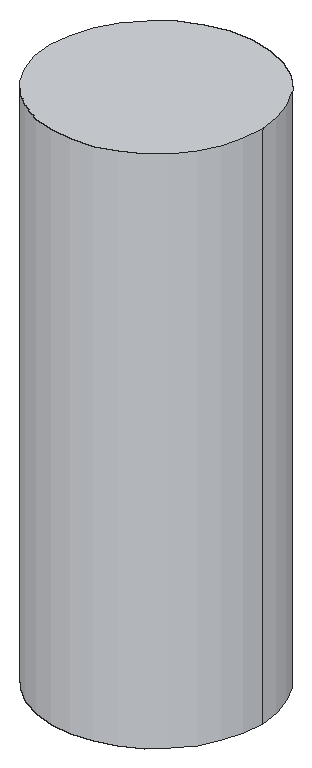
Revit family "M_Aquecedor de água", category Peças hidrossanitárias, Revit 2019
Family settings
  Cota do conector redondo = Utilizar diâmetro
  Tipo de parte = Normal
  Número OmniClass = 23.65.35.11.11
  Título OmniClass = Storage Water Heaters
  ID de item do Seek = Water Heater-0000-CAN-ENU
  Com base no plano de trabalho = Não
  Sempre na vertical = Sim
  Corte com vazios quando carregada = Não
  Compartilhado = Não
  Ponto de cálculo do ambiente = Não
Parameters
  Legenda = "WH"
  Diâmetro = 610.00 mm
  Altura = 1525.00 mm
Reference planes
  plane 1: y = 0
  plane 2: z = 0
  plane 3: x = 0
Forms (mm)
  Extrusion 1, solid
    sketch origin (0, 0, 0) x (1, 0, 0) y (0, 1, 0)
      loop
        circle (0, 0) r 305
    from 0 to 1525
Lines and regions (mm)
  Masking region 1
    outline origin (0, 0, 0) x (1, 0, 0) y (0, 1, 0)
      loop
        circle (0, 0) r 305
Dimensions and locks
  "Altura": Extrusion 1 to plane 2
  "Diâmetro": Extrusion 1 sketch curve to Extrusion 1 sketch curve
  aligned and locked: plane 3 to nested 1
  aligned and locked: plane 1 to nested 1
  aligned and locked: Masking region 1 sketch curve to Extrusion 1
Automatic sketch dimensions
  Extrusion 1 sketch curve to plane 1 = 0.00 mm
  Extrusion 1 sketch curve to plane 3 = 0.00 mm
Nested families
  nested 1: "M_Anotação de legenda" at (0, 0, 0), type "M_Anotação de legenda"
Definition of nested family "M_Anotação de legenda"
  Parameters
    Legenda = "WH"
  Reference planes
    plane 1: y = 0
    plane 2: x = 0
  Text (mm)
    label "Legenda" at (0.027, -0.008, 0), shows "Legenda"
